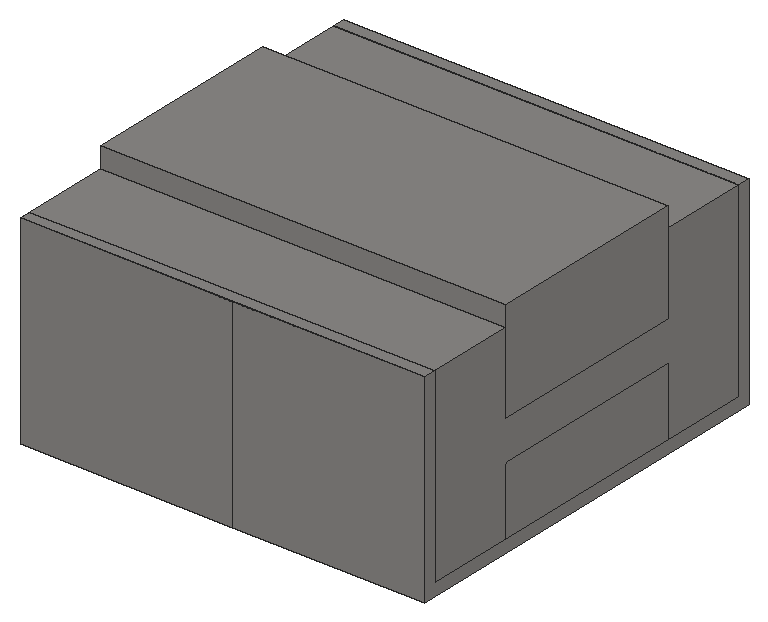
Revit family "桥架竖向三通连接件", category 电缆桥架配件, Revit 2020
Family settings
  圆形连接件大小 = 使用直径
  零件类型 = 槽式 T 形三通
  基于工作平面 = 否
  总是垂直 = 是
  加载时剪切的空心 = 否
  共享 = 否
Parameters (values of type "S强电住宅_M热镀锌钢板_D线槽")
  Default Elevation = 0 mm
  长度2（分叉方向） [instance] = 长度 3 - 桥架宽度 1 / 2  # 300 mm
  长度1（直通方向） [instance] = 长度 1  # 600 mm
  桥架宽度 3 [instance] = 100 mm
  桥架宽度 1 [instance] = 100 mm
  桥架长度 [instance] = 75 mm
  桥架高度 [instance] = 50 mm
  默认高程 [instance] = 3 mm
  最大桥架宽度 13 [instance] = if(桥架宽度 1 > 桥架宽度 3, 桥架宽度 1, 桥架宽度 3)  # 100 mm
  长度 5 [instance] = if(not(最大桥架宽度 13 > 50 mm), 200 mm, if(not(最大桥架宽度 13 > 250 mm), 250 mm, if(not(最大桥架宽度 13 > 300 mm), 350 mm, 400 mm)))  # 250 mm
  长度 4 [instance] = 默认高程 * tan(22.50°)  # 1.243 mm
  长度 3 [instance] = 桥架宽度 1 + 长度 5  # 350 mm
  长度 1 [instance] = 桥架宽度 3 + 长度 5 * 2  # 600 mm
  三通长度 [instance] = 桥架宽度 3 + 长度 5 * 2  # 600 mm
Reference planes
  plane 1 "中心(前/后)": y = 0
  plane 2: z = 0
  plane 3 "中心(左/右)": x = 0
  plane 4: x = -50
  plane 5: x = 50
  plane 6: y = 50
  plane 7: y = -50
  plane 8: x = -50
  plane 9: x = 50
  plane 10: z = -25
  plane 11: z = 25
  plane 12: z = -22
  plane 13: y = 47
  plane 14: y = -47
  plane 15: x = -47
  plane 16: x = 47
  plane 17: y = 25
  plane 18: y = -25
  plane 19: z = 30
  plane 20: z = 5
  plane 21: z = -5
Forms (mm)
  Extrusion 1, solid, detail levels fine
    sketch origin (0, 0, 0) x (1, 0, 0) y (0, 1, 0)
      loop
        line (-50, -50) -> (2.216, -50) -> (50, -50) -> (50, 50) -> (-50, 50) -> (-50, -50)
    from -25 to -22
  Extrusion 2, solid, detail levels medium+fine
    sketch origin (0, 0, 0) x (1, 0, 0) y (0, 1, 0)
      loop
        line (-50, 50) -> (-50, -50) -> (2.636, -50) -> (50, -50) -> (50, 50) -> (-50, 50)
    from -25 to 25
  Extrusion 3, solid, detail levels fine
    sketch origin (0, 0, 0) x (1, 0, 0) y (0, 1, 0)
      loop
        line (-50, -50) -> (-25, -50) -> (50, -50) -> (50, -47) -> (-26.243, -47) -> (-50, -47) -> (-50, -50)
      loop
        line (-50, 50) -> (-50, 47) -> (50, 47) -> (50, 50) -> (-50, 50)
    from -22 to 25
  Extrusion 4, solid
    sketch origin (0, 0, 0) x (1, 0, 0) y (0, 1, 0)
      loop
        line (-50, 25) -> (-50, -25) -> (50, -25) -> (50, 25) -> (-50, 25)
    from 5 to 30
  Extrusion 5, solid
    sketch origin (0, 0, 0) x (1, 0, 0) y (0, 1, 0)
      loop
        line (-50, 25) -> (-50, -25) -> (50, -25) -> (50, 25) -> (-50, 25)
    from -25 to -5
Cuts and joins
  joined: Extrusion 1, Extrusion 3
Lines and regions (mm)
  model lines, detail levels coarse
    curve 1: line (-50, 0, 0) -> (50, 0, 0)
    curve 2: line (0, 0, 0) -> (0, -300, 0)
Dimensions and locks
  equal spacing: plane 6, plane 1 "中心(前/后)", plane 7
  "桥架宽度 1": plane 6 to plane 7
  equal spacing: plane 11, plane 2, plane 10
  "桥架高度": plane 11 to plane 10
  "默认高程": plane 12 to plane 10
  "默认高程": plane 6 to plane 13
  "默认高程": plane 14 to plane 7
  "桥架宽度 3": plane 4 to plane 5
  plane 13 to plane 17 = 22 mm
  "桥架高度": plane 17 to plane 18
  equal spacing: plane 17, plane 1 "中心(前/后)", plane 18
  equal spacing: plane 4, plane 3 "中心(左/右)", plane 5
  locked: plane 19 to plane 11 at 5
  locked: plane 20 to plane 2 at 5
  locked: plane 2 to plane 21 at 5
  aligned and locked: plane 4 to Extrusion 1 sketch curve
  aligned and locked: Extrusion 1 sketch curve to plane 7
  aligned and locked: Extrusion 1 sketch curve to plane 4
  aligned and locked: Extrusion 1 sketch curve to plane 6
  aligned and locked: plane 7 to Extrusion 1 sketch curve
  aligned and locked: plane 6 to Extrusion 1 sketch curve
  aligned and locked: Extrusion 1 sketch curve to plane 5
  aligned and locked: plane 5 to Extrusion 1 sketch curve
  aligned and locked: Extrusion 1 to plane 10
  aligned and locked: plane 12 to Extrusion 1
  aligned and locked: plane 4 to Extrusion 2 sketch curve
  aligned and locked: Extrusion 2 sketch curve to plane 7
  aligned and locked: Extrusion 2 sketch curve to plane 4
  aligned and locked: plane 5 to Extrusion 2 sketch curve  (x2)
  aligned and locked: Extrusion 2 sketch curve to plane 6
  aligned and locked: plane 7 to Extrusion 2 sketch curve
  aligned and locked: plane 6 to Extrusion 2 sketch curve
  aligned and locked: Extrusion 2 to plane 10
  aligned and locked: plane 11 to Extrusion 2
  aligned and locked: Extrusion 3 sketch curve to plane 14  (x2)
  aligned and locked: Extrusion 3 sketch curve to plane 4
  aligned and locked: plane 4 to Extrusion 3 sketch curve  (x2)
  aligned and locked: Extrusion 3 sketch curve to plane 7  (x2)
  aligned and locked: plane 14 to Extrusion 3 sketch curve
  aligned and locked: plane 7 to Extrusion 3 sketch curve
  aligned and locked: Extrusion 3 sketch curve to plane 5  (x2)
  aligned and locked: plane 5 to Extrusion 3 sketch curve
  aligned and locked: plane 13 to Extrusion 3 sketch curve
  aligned and locked: Extrusion 3 sketch curve to plane 6
  aligned and locked: Extrusion 3 to plane 12
  aligned and locked: plane 11 to Extrusion 3
  aligned and locked: plane 4 to curve 1
  aligned and locked: plane 5 to curve 1
  aligned and locked: plane 1 "中心(前/后)" to curve 1
  aligned and locked: plane 1 "中心(前/后)" to curve 2
  aligned and locked: curve 2 to plane 3 "中心(左/右)"
  aligned and locked: Extrusion 4 sketch curve to plane 9
  aligned and locked: plane 8 to Extrusion 4 sketch curve
  aligned and locked: Extrusion 4 sketch curve to plane 17
  aligned and locked: plane 18 to Extrusion 4 sketch curve
  aligned and locked: plane 19 to Extrusion 4
  aligned and locked: Extrusion 4 to plane 20
  aligned and locked: Extrusion 5 sketch curve to plane 17
  aligned and locked: plane 18 to Extrusion 5 sketch curve
  aligned and locked: plane 8 to Extrusion 5 sketch curve
  aligned and locked: Extrusion 5 sketch curve to plane 9
  aligned and locked: plane 21 to Extrusion 5
  aligned and locked: Extrusion 5 to plane 10
Automatic sketch dimensions
  curve 2 to plane 7 = 250 mm
  plane 3 "中心(左/右)" to Extrusion 1 sketch curve = 2.216 mm
  plane 3 "中心(左/右)" to Extrusion 2 sketch curve = 2.636 mm
  plane 15 to Extrusion 3 sketch curve = 20.757 mm
  Extrusion 3 sketch curve to Extrusion 3 sketch curve = 1.243 mm
Connectors
  cabletrayconduit at (-50, 0, 0), diameter 600, driven by "桥架高度", driven by "桥架宽度 1"
    settings: on Extrusion 2, index 1, connector width 100 mm, connector height 50 mm, connector angle 0.00°, system type 32, placement type 0, profile type 1, connector reference index 2, is primary connector yes, connector utility param no, connector description ""
  cabletrayconduit at (50, 0, 0), diameter 600, driven by "桥架高度", driven by "桥架宽度 1"
    settings: on Extrusion 2, index 2, connector width 100 mm, connector height 50 mm, connector angle 0.00°, system type 32, placement type 0, profile type 1, connector reference index 1, is primary connector no, connector utility param no, connector description ""
  cabletrayconduit at (0, 0, 5), diameter 600, driven by "桥架宽度 3", driven by "桥架高度"
    settings: on Extrusion 4, index 4, connector width 100 mm, connector height 50 mm, connector angle 0.00°, system type 32, placement type 0, profile type 1, connector reference index -1, is primary connector no, connector utility param no, connector description ""
  cabletrayconduit at (0, 0, -5), diameter 600, driven by "桥架高度", driven by "桥架宽度 3"
    settings: on Extrusion 5, index 5, connector width 100 mm, connector height 50 mm, connector angle 0.00°, system type 32, placement type 0, profile type 1, connector reference index -1, is primary connector no, connector utility param no, connector description ""
